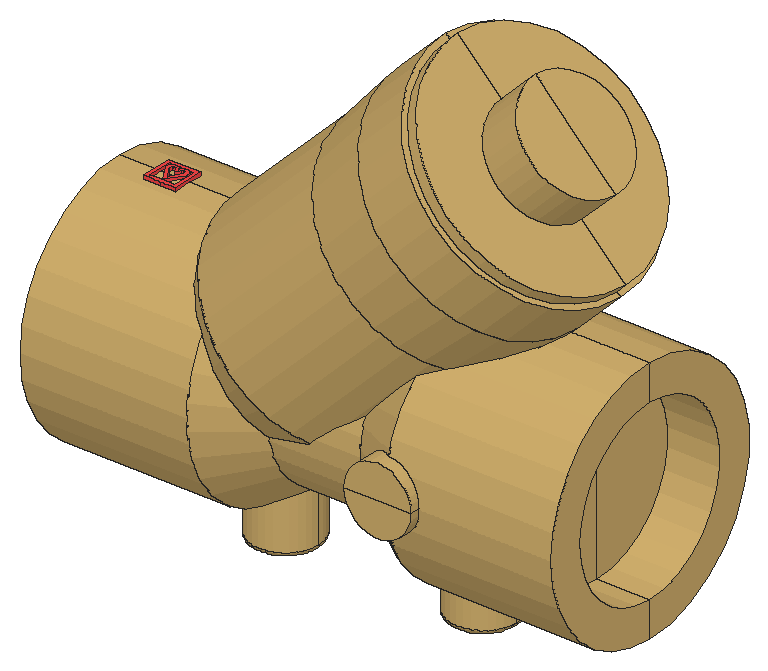
Revit family "Strainers 4111", category Rohrzubehör, Revit 2021
Family settings
  Bemaßung runder Anschluss = Durchmesser verwenden
  Teiletyp = Unterbricht
  OmniClass-Nummer = 23.65.55.14
  OmniClass-Titel = Valves for Liquid Services
  Arbeitsebenenbasiert = Nein
  Immer vertikal = Ja
  Beim Laden mit Abzugskörper schneiden = Nein
  Gemeinsam genutzt = Nein
Parameters
  max. Operating temperature = 110 °C  # constant formula
  Vorgabe-Ansicht = 0.000 mm
  Internal thread = "acc. to ISO 228-1"  # constant formula
  W01 = 45.00°  # constant formula
  URL = "www.herzvalves.com"
  Part number [instance] = size_lookup("4111_", "Artnr", 0, Nennweite)  # 1411116
  Closing plug = "forged brass acc to. EN 12420, CW617N"  # constant formula
  Sieve = "stainless steel, single, 1 4111 41-42: mashed perforation 0,5mm; 1 4111 14-18: meshed perforation 0.75mm"  # constant formula
  SW02 [instance] = size_lookup("4111_", "SW2", 11.000 mm, Nennweite)  # 8.500 mm
  SW01 [instance] = size_lookup("4111_", "SW1", 16.000 mm, Nennweite)  # 16.000 mm
  SCTWSEQ = "AW;SBT_TYP_AW=\"112\";2"
  SCTWCODE = "04;16;02"  # constant formula
  SCRNSEQ = "AWI;AWI_TYP=\"1011\";2"
  SCRNCODE = "05;15;02"  # constant formula
  S01 [instance] = R01 * 2  # 70.000 mm
  R100 = 1.000 mm  # constant formula
  R10 [instance] = size_lookup("4111_", "R10", 8.500 mm, Nennweite)  # 6.950 mm
  R09 [instance] = size_lookup("4111_", "R9", 30.000 mm, Nennweite)  # 25.000 mm
  R08 [instance] = R07 - 1.500 mm  # 33.500 mm
  R07 [instance] = size_lookup("4111_", "R7", 46.500 mm, Nennweite)  # 35.000 mm
  R06 [instance] = size_lookup("4111_", "R6", 43.000 mm, Nennweite)  # 33.500 mm
  R05 [instance] = Nennweite / 2  # 25.000 mm
  R04 [instance] = size_lookup("4111_", "R4", 11.500 mm, Nennweite)  # 9.500 mm
  R03 = 9.500 mm  # constant formula
  R02 [instance] = Nennweite / 2  # 25.000 mm
  R01 [instance] = (Nennweite / 2) + 10.000 mm  # 35.000 mm
  PN [instance] = size_lookup("4111_", "PN", 16, Nennweite)  # 16
  Nennweite [instance] = 50.000 mm
  Medium = "heating water quality according to ÖNORM H5195 or VDI-Standard 2035.\r\nthe use of ethylene or propylene glycol in a mixing ratio 25- 50% is allowed.\r\nplease refer to manufacturers documentation when using ethylene glycol products for frost and corrosion protection.\r\nHERZ ball valve for heating and chilled water is not suitable for usage of agressive medium (such as: acids, alkalis, combustible and explosive gases) because it can destroy sealing components."
  L16 [instance] = L03 - 4.500 mm  # 10.500 mm
  L15 [instance] = R01 - 1.000 mm  # 34.000 mm
  L14 [instance] = L06 - L08  # 20.500 mm
  L13 [instance] = size_lookup("4111_", "L13", 4.000 mm, Nennweite)  # 3.500 mm
  L12 = 0.800 mm  # constant formula
  L11 [instance] = size_lookup("4111_", "L11", 11.000 mm, Nennweite)  # 13.500 mm
  L10 = 3.500 mm  # constant formula
  L09 [instance] = size_lookup("4111_", "L9", 11.000 mm, Nennweite)  # 17.500 mm
  L08 [instance] = size_lookup("4111_", "L8", 35.000 mm, Nennweite)  # 66.000 mm
  L07 [instance] = size_lookup("4111_", "L7", 35.000 mm, Nennweite)  # 31.500 mm
  L06 [instance] = size_lookup("4111_", "L6", 118.000 mm, Nennweite) - L09  # 86.500 mm
  L05 [instance] = size_lookup("4111_", "L5", 44.000 mm, Nennweite)  # 36.500 mm
  L04 [instance] = size_lookup("4111_", "L4", 45.000 mm, Nennweite)  # 37.500 mm
  L03 = 15.000 mm  # constant formula
  L02 [instance] = size_lookup("4111_", "L2", 22.000 mm, Nennweite)  # 13.000 mm
  L01 [instance] = size_lookup("4111_", "L1", 48.000 mm, Nennweite)  # 47.000 mm
  L00 [instance] = size_lookup("4111_", "L", 180.000 mm, Nennweite)  # 150.000 mm
  Hersteller = "Herz-Armaturen GmbH"  # constant formula
  H01 [instance] = size_lookup("4111_", "H1", 53.000 mm, Nennweite)  # 45.000 mm
  Body = "casted, dezincification-resistant brass CC770S"  # constant formula
  Plug seals = "EPDM"  # constant formula
  Application = "strainers are installed in pipes to protect the finely machined valve seats from particles.\r\nfield of application are building services, such as in heating or chilled water units for air conditioning in buildings.\r\nEPDM sealings can be destroyed by organic hydro carbons, which are occurring in natural gas, mineral oil or lubricants."
Reference planes
  plane 1 "Mitte (Vorne/hinten)": y = 0
  plane 2: z = 0
  plane 3 "Mitte (Links/rechts)": x = 0
Forms (mm)
  Revolve 1, solid, material "Messing", detail levels fine
    sketch origin (470, 0, 0) x (1, 0, 0) y (0, 0, 1)
      loop
        line (-545, 25) -> (-530, 25) -> (-530, 0) -> (-410, 0) -> (-410, 25) -> (-395, 25) -> (-395, 35) -> (-442, 35) -> (-457, 25) -> (-483, 25) -> (-498, 35) -> (-545, 35) -> (-545, 25)
      axis (-545, 0) -> (-395, 0)
    angle from 0 to 360
  Revolve 2, solid, material "Messing", detail levels fine
    sketch origin (470, 0, 0) x (1, 0, 0) y (0, 0, 1)
      loop
        line (-507.5, 0) -> (-507.5, -44)
        arc (-507.5, -44) -> (-507.207, -44.707) -> (-506.5, -45) r 1
        line (-506.5, -45) -> (-498, -45) -> (-498, 0) -> (-507.5, 0)
      axis (-498, 0) -> (-498, -45)
    angle from 0 to 360
  Revolve 3, solid, material "Messing", detail levels fine
    sketch origin (0, 0, 0) x (1, 0, 0) y (0, 1, 0)
      loop
        line (28, -37.5) -> (37.5, -37.5) -> (37.5, 36.5) -> (28, 36.5) -> (28, -37.5)
      axis (28, -37.5) -> (28, 36.5)
    angle from 0 to 360
  Revolve 4, solid, material "Messing", detail levels fine
    sketch origin (-470, 0, 0) x (-1, 0, 0) y (0, 0, 1)
      loop
        line (-507.5, 0) -> (-507.5, -44)
        arc (-507.5, -44) -> (-507.207, -44.707) -> (-506.5, -45) r 1
        line (-506.5, -45) -> (-498, -45) -> (-498, 0) -> (-507.5, 0)
      axis (-498, 0) -> (-498, -45)
    angle from 0 to 360
  Revolve 5, solid, material "Messing", detail levels fine
    sketch origin (0.32, 0, -0.105) x (1, 0, 0) y (0, 0, 1)
      loop
        line (-31.82, 0) -> (53.74, 85.56) -> (42.426, 96.874) -> (32.88, 87.328) -> (20.506, 99.702) -> (18.031, 97.227) -> (16.97, 98.288) -> (4.596, 85.913) -> (-8.839, 70.357) -> (-41.012, 38.184) -> (-49.498, 17.678) -> (-31.82, 0)
      axis (-31.82, 0) -> (53.74, 85.56)
    angle from 0 to 360
Lines and regions (mm)
  model lines, detail levels coarse+medium
    curve 1: line (-90, 0, 42.5) -> (90, 0, 42.5)
    curve 2: line (-90, 0, -27.5) -> (-90, 0, 42.5)
    curve 3: line (90, 0, -27.5) -> (-90, 0, -27.5)
    curve 4: line (90, 0, 42.5) -> (90, 0, -27.5)
    curve 6: line (-75, 27.5, 0) -> (75, 27.5, 0)
    curve 7: line (-75, -42.5, 0) -> (-75, 27.5, 0)
    curve 8: line (75, -42.5, 0) -> (-75, -42.5, 0)
    curve 9: line (75, 27.5, 0) -> (75, -42.5, 0)
    curve 10: line (75, -42.5, 0) -> (-75, 27.5, 0)
  symbolic lines, style "PipeAccessory"
    curve 5: line (90, 0, -27.5) -> (-90, 0, 42.5)
Dimensions and locks
  "H01": plane 2 to Revolve 2 sketch curve
  "L00": Revolve 1 sketch curve to Revolve 1 sketch curve
  equal spacing: Revolve 1 sketch curve, plane 3 "Mitte (Links/rechts)", Revolve 1 sketch curve
  "R01": Revolve 1 sketch curve to Revolve 1 sketch curve  (x2)
  "R02": Revolve 1 sketch curve to Revolve 1 sketch curve  (x3)
  "L01": Revolve 1 sketch curve to Revolve 1 sketch curve  (x2)
  "L02": plane 3 "Mitte (Links/rechts)" to Revolve 1 sketch curve
  "L02": Revolve 1 sketch curve to plane 3 "Mitte (Links/rechts)"
  "L03": Revolve 1 sketch curve to Revolve 1 sketch curve  (x2)
  "L01": Revolve 1 to Revolve 2 sketch curve
  "R03": Revolve 2 sketch curve to Revolve 2 sketch curve
  "L01": Revolve 4 sketch curve to Revolve 1
  "R03": Revolve 4 sketch curve to Revolve 4 sketch curve
  "H01": plane 2 to Revolve 4 sketch curve
  "L04": Revolve 3 sketch curve to plane 1 "Mitte (Vorne/hinten)"
  "L05": plane 1 "Mitte (Vorne/hinten)" to Revolve 3 sketch curve
  "R04": Revolve 3 sketch curve to Revolve 3 sketch curve
  "L01": Revolve 3 sketch curve to Revolve 1
  "SW01": Revolve 5 sketch curve to Revolve 5 sketch curve
  "R08": Revolve 5 sketch curve to Revolve 5 sketch curve
  "L10": Revolve 5 sketch curve to Revolve 5 sketch curve
  "L11": Revolve 5 sketch curve to Revolve 5 sketch curve
  "R07": Revolve 5 sketch curve to Revolve 5 sketch curve
  "L07": plane 3 "Mitte (Links/rechts)" to Revolve 5 sketch curve
  "R05": Revolve 5 sketch curve to Revolve 5 sketch curve
  "L06": Revolve 5 sketch curve to Revolve 5 sketch curve
  "L09": Revolve 5 sketch curve to Revolve 5 sketch curve
  "L08": Revolve 5 sketch curve to Revolve 5 sketch curve
  "R06": Revolve 5 sketch curve to Revolve 5 sketch curve
  "L14": Revolve 5 sketch curve to Revolve 5 sketch curve
  "L15": nested 1 to plane 2
  "L16": Revolve 1 to nested 1
  "S01": curve 1 to curve 3
  "L00": Revolve 1 to Revolve 1
  equal spacing: Revolve 1, plane 3 "Mitte (Links/rechts)", Revolve 1
  equal spacing: curve 7, plane 3 "Mitte (Links/rechts)", curve 9
  "L00": curve 7 to curve 9
  "S01": curve 6 to curve 8
  "R100": radius of Revolve 2 sketch curve
  "R100": radius of Revolve 4 sketch curve
  "W01": angle plane 2 to Revolve 5 sketch curve
  "W01": angle level to Revolve 5 sketch curve
  aligned and locked: level to plane 2
Automatic sketch dimensions
  level to curve 1 = 42.500 mm
  curve 1 to plane 3 "Mitte (Links/rechts)" = 90.000 mm
  plane 3 "Mitte (Links/rechts)" to curve 4 = 90.000 mm
  plane 1 "Mitte (Vorne/hinten)" to curve 8 = 42.500 mm
  Revolve 1 sketch curve to level = 0.000 mm  (x2)
  Revolve 1 sketch curve to Revolve 1 sketch curve = 791.990 mm
  Revolve 1 sketch curve to Revolve 1 sketch curve = 2278.983 mm
  Revolve 2 sketch curve to level = 0.000 mm  (x2)
  Revolve 2 sketch curve to Revolve 2 sketch curve = 0.000 mm
  Revolve 2 sketch curve to Revolve 2 sketch curve = 0.292 mm
  Revolve 3 sketch curve to Revolve 3 sketch curve = 0.000 mm  (x3)
  Revolve 4 sketch curve to level = 0.000 mm  (x2)
  Revolve 4 sketch curve to Revolve 4 sketch curve = 0.000 mm
  Revolve 4 sketch curve to Revolve 4 sketch curve = 0.292 mm
  Revolve 5 sketch curve to level = 0.105 mm
  Revolve 5 sketch curve to Revolve 5 sketch curve = 0.000 mm  (x2)
Nested families
  nested 1: "Herz-Logo" at (-59.982, 0, 34), type "Herz-Logo", detail levels fine
Connectors
  piping at (-60, 0, 0), diameter 50, driven by "Nennweite"
    settings: on Revolve 1, index 1, connector inside diameter 609.6 mm, connector length 0.000 mm, flow factor 0, pipe flow 0.0 L/s, pressure drop 0.0 Pa, fitting loss kfactor 0, connector angle 0.00°, fixture units 0, engagement length 0.000 mm, angle of deflection 0.00°, flow configuration 0, flow direction 1, fitting loss method 0, system type 29, joint type 0, gender type 0, connector reference index -1, connector utility 0, adjustable connector no, is connector primary yes, connector description ""
  piping at (60, 0, 0), diameter 50, driven by "Nennweite"
    settings: on Revolve 1, index 2, connector inside diameter 609.6 mm, connector length 0.000 mm, flow factor 0, pipe flow 0.0 L/s, pressure drop 0.0 Pa, fitting loss kfactor 0, connector angle 0.00°, fixture units 0, engagement length 0.000 mm, angle of deflection 0.00°, flow configuration 0, flow direction 2, fitting loss method 0, system type 29, joint type 0, gender type 0, connector reference index -1, connector utility 0, adjustable connector no, is connector primary no, connector description ""
Definition of nested family "Herz-Logo"
  Parameters (values of type "Herz-Logo")
    Default Elevation = 0.000 mm
  Reference planes
    plane 1 "Mitte (Vorne/hinten)": y = 0
    plane 2: z = 0
    plane 3 "Mitte (Links/rechts)": x = 0
  Forms (mm)
    Extrusion 1, solid
      sketch origin (0, 0, 0) x (1, 0, 0) y (0, 1, 0)
        loop
          line (-0.018, -4.517) -> (4.482, -4.517) -> (4.482, 4.483) -> (-4.518, 4.483) -> (-4.518, -4.517) -> (-0.018, -4.517)
        loop
          line (-0.05, -3.48) -> (3.482, -3.48) -> (3.482, 3.483) -> (-3.518, 3.483) -> (-3.518, -3.48) -> (-0.05, -3.48)
        loop
          arc (-0.018, 2.383) -> (-1.543, 3.287) -> (-3.067, 2.383) r 1.738
          arc (-3.067, 2.383) -> (-3.191, 1.899) -> (-3.067, 1.415) r 1.009
          line (-3.067, 1.415) -> (-0.018, -3.281) -> (3.032, 1.415)
          arc (3.032, 1.415) -> (3.156, 1.899) -> (3.032, 2.383) r 1.009
          arc (3.032, 2.383) -> (1.507, 3.287) -> (-0.018, 2.383) r 1.738
        loop
          arc (1.885, 1.272) -> (2.005, 1.675) -> (1.885, 2.079) r 0.74
          arc (1.885, 2.079) -> (1.265, 2.416) -> (0.644, 2.079) r 0.74
          line (0.644, 2.079) -> (-0.018, 0.97) -> (-0.679, 2.079)
          arc (-0.679, 2.079) -> (-1.3, 2.416) -> (-1.921, 2.079) r 0.74
          arc (-1.921, 2.079) -> (-2.04, 1.675) -> (-1.921, 1.272) r 0.74
          line (-1.921, 1.272) -> (-0.018, -1.658) -> (1.885, 1.272)
      from 0 to 1.5
  Dimensions and locks
    aligned and locked: level to plane 2
